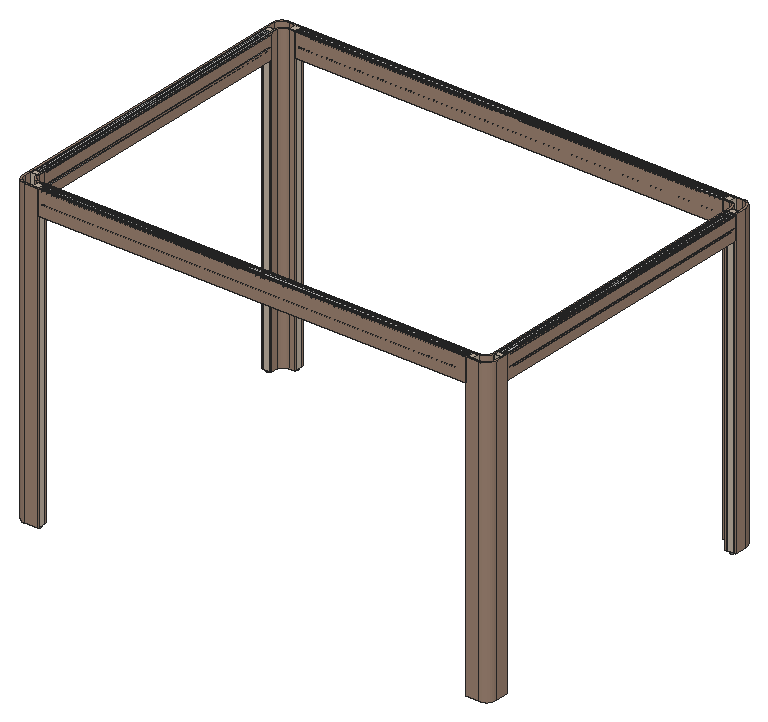
Revit family "T100215", category Furniture, Revit 2018
Family settings
  OmniClass Number = 23.40.20.14.17
  OmniClass Title = Residential Tables and Cabinets
  Work Plane-Based = No
  Always vertical = Yes
  Cut with Voids When Loaded = No
  Shared = Yes
  Room Calculation Point = No
Parameters (values of type "0762 x 0762mm")
  Base Material = Wood - Birch
  Height = 1' - 5.99213"
  Length = 2' - 6"
  Top Material = Laminate - Ivory, Matte
  Width = 2' - 6"
Types (4): name | Height | Length | Width
  (no name) | 1' - 5.99213" | 2' - 6" | 2' - 6"
  0610 x 0160mm | 2' - 6" | 2' - 0.01575" | 2' - 0.01575"
  0762 x 0762mm | 1' - 5.99213" | 2' - 6" | 2' - 6"
  0610 x 0915mm | 2' - 6" | 2' - 0.01575" | 3' - 0.02362"
Reference planes (in)
  plane 1: y = 6
  plane 2: z = 0
  plane 3 "Left": x = 14.84943
Dimensions and locks (in)
  aligned and locked: plane 2 to level
Nested families (in)
  nested 1: "OFS OBEYA BEAM KITS" at (14.84943, 49.5, 0), type "BEAM KIT 126"
  nested 2: "OFS OBEYA POSTS" at (-53.40057, 49.5, 0), type "CORNER POST"
  nested 3: "OFS OBEYA BEAM KITS" at (-53.40057, 2.25, 0) x (0, -1, 0) z (0, 0, 1), type "BEAM KIT 84"
  nested 4: "OFS OBEYA POSTS" at (-53.40057, -45, 0), type "CORNER POST"
  nested 5: "OFS OBEYA POSTS" at (83.09943, 49.5, 0) x (-1, 0, 0) z (0, 0, 1), type "CORNER POST"
  nested 6: "OFS OBEYA BEAM KITS" at (83.09943, 2.25, 0) x (0, -1, 0) z (0, 0, 1), type "BEAM KIT 84"
  nested 7: "OFS OBEYA POSTS" at (83.09943, -45, 0) x (-1, 0, 0) z (0, 0, 1), type "CORNER POST"
  nested 8: "OFS OBEYA BEAM KITS" at (14.84943, -45, 0), type "BEAM KIT 126"
Definition of nested family "OFS OBEYA BEAM KITS"
  Parameters (values of type "BEAM KIT 42")
    Width = 3' - 6"
    URL = "https://ofs.com/products/space-defining/architectural-structures/obeya"
    Model = "OB-42BMK"
    Manufacturer = "OFS"
    Height = 7' - 6"
    Structure Material = none
    Finish Material = none
    Description = "OFS OBEYA BEAM KIT, 42\" Width, Spans Between 2 Posts"
    Depth = 0' - 3"
    Copyright © = "©OFS 2019"
    Edge Material = none
    Catalog = "https://ofs.com/products/space-defining/architectural-structures/obeya"
    Beam Height = 0' - 7"
    Authoring Version = "Autodesk Revit Architecture 2015"
    Assembly Code = "E2020200"
  Types (3): name | Width | Model | Description
    BEAM KIT 42 | 3' - 6" | "OB-42BMK" | "OFS OBEYA BEAM KIT, 42\" Width, Spans Between 2 Posts"
    BEAM KIT 84 | 7' - 0" | "OB-84BMK" | "OFS OBEYA BEAM KIT, 84\" Width, Spans Between 2 Posts"
    BEAM KIT 126 | 10' - 6" | "OB-126BMK" | "OFS OBEYA BEAM KIT, 126\" Width, Spans Between 2 Posts"
  Reference planes (in)
    plane 1 "Center Front/Back": y = 0
    plane 2: z = 0
    plane 3 "Center Left/Right": x = 0
    plane 4: x = 21
    plane 5: y = -1.5
    plane 6: z = 90
    plane 7: z = 0.5
    plane 8: y = 1.5
    plane 9: x = -21
    plane 10: z = 83
    plane 11: x = 2
    plane 12: x = -2
    plane 13: x = -19.25
    plane 14: x = -17.25
    plane 15: x = 19.25
    plane 16: x = 17.25
  Forms (in)
    Extrusion 1, solid, material <- "Finish Material"
      sketch origin (0, 0, 0) x (0, 1, 0) y (0, 0, 1)
        loop
          line (1.5, 90) -> (1, 90) -> (1, 83) -> (1.5, 83) -> (1.5, 90)
        loop
          line (-1.5, 90) -> (-1.5, 83) -> (-1, 83) -> (-1, 90) -> (-1.5, 90)
      from -21 to 21
    Extrusion 2, solid, material <- "Edge Material"
      sketch origin (0, 0, 0) x (0, 1, 0) y (0, 0, 1)
        loop
          line (1, 84) -> (-1, 84) -> (-1, 83) -> (1, 83) -> (1, 84)
      from -21 to 21
    Extrusion 3, solid, material <- "Structure Material"
      sketch origin (0, 0, 0) x (0, 1, 0) y (0, 0, 1)
        loop
          line (0.634, 89.90157) -> (0.90157, 89.90157) -> (0.90157, 89.27657) -> (0.29068, 89.27657)
          arc (0.29068, 89.27657) -> (0.19003, 89.39013) -> (0.04921, 89.44664) r 0.33001
          line (0.04921, 89.44664) -> (0.04921, 89.90157) -> (0.23, 89.90157) -> (0.23, 90) -> (-0.23, 90) -> (-0.23, 89.90157) -> (-0.04921, 89.90157) -> (-0.04921, 89.44664)
          arc (-0.04921, 89.44664) -> (-0.19003, 89.39013) -> (-0.29068, 89.27657) r 0.33001
          line (-0.29068, 89.27657) -> (-0.90157, 89.27657) -> (-0.90157, 89.90157) -> (-0.634, 89.90157) -> (-0.634, 90) -> (-1, 90) -> (-1, 89.17815) -> (-0.74409, 88.92224) -> (-0.74409, 87.7719) -> (-0.90157, 87.7719) -> (-0.90157, 88.09941) -> (-1, 88.19783) -> (-1, 85.9781) -> (-0.74409, 85.72219) -> (-0.74409, 84.57185) -> (-0.90157, 84.57185) -> (-0.90157, 84.89936) -> (-1, 84.99779) -> (-1, 84) -> (-0.202, 84) -> (-0.202, 84.09843) -> (-0.375, 84.09843) -> (-0.375, 84.71875) -> (-0.28811, 84.71875)
          arc (-0.28811, 84.71875) -> (0, 84.54967) -> (0.28811, 84.71875) r 0.33001
          line (0.28811, 84.71875) -> (0.375, 84.71875) -> (0.375, 84.09843) -> (0.202, 84.09843) -> (0.202, 84) -> (1, 84) -> (1, 84.99779) -> (0.90157, 84.89936) -> (0.90157, 84.57185) -> (0.74409, 84.57185) -> (0.74409, 85.72219) -> (1, 85.9781) -> (1, 88.19783) -> (0.90157, 88.09941) -> (0.90157, 87.7719) -> (0.74409, 87.7719) -> (0.74409, 88.92224) -> (1, 89.17815) -> (1, 90) -> (0.634, 90) -> (0.634, 89.90157)
        loop
          arc (0.33001, 89.12032) -> (0.28638, 88.95633) -> (0.16703, 88.8357) r 0.33001
          line (0.16703, 88.8357) -> (0.08792, 88.97271)
          arc (0.08792, 88.97271) -> (0, 89.29214) -> (-0.08792, 88.97271) r 0.17181
          line (-0.08792, 88.97271) -> (-0.16703, 88.8357)
          arc (-0.16703, 88.8357) -> (-0.28638, 88.95633) -> (-0.33001, 89.12032) r 0.33001
          line (-0.33001, 89.12032) -> (-0.64567, 89.12032) -> (-0.64567, 87.67347) -> (-0.90157, 87.67347) -> (-0.90157, 86.01887) -> (-0.202, 86.01887) -> (-0.202, 85.92044) -> (-0.64567, 85.92044) -> (-0.64567, 84.875) -> (-0.32998, 84.875)
          arc (-0.32998, 84.875) -> (-0.28753, 85.04163) -> (-0.16703, 85.1643) r 0.33001
          line (-0.16703, 85.1643) -> (-0.08792, 85.02729)
          arc (-0.08792, 85.02729) -> (0, 84.70786) -> (0.08792, 85.02729) r 0.17181
          line (0.08792, 85.02729) -> (0.16703, 85.1643)
          arc (0.16703, 85.1643) -> (0.28753, 85.04163) -> (0.32998, 84.875) r 0.33001
          line (0.32998, 84.875) -> (0.64567, 84.875) -> (0.64567, 85.92044) -> (0.202, 85.92044) -> (0.202, 86.01887) -> (0.90157, 86.01887) -> (0.90157, 87.67347) -> (0.64567, 87.67347) -> (0.64567, 89.12032) -> (0.33001, 89.12032)
        loop
          line (0.47343, 84.71875) -> (0.47343, 84.09843) -> (0.90157, 84.09843) -> (0.90157, 84.47343) -> (0.64567, 84.47343) -> (0.64567, 84.71875) -> (0.47343, 84.71875)
        loop
          line (-0.47343, 84.71875) -> (-0.64567, 84.71875) -> (-0.64567, 84.47343) -> (-0.90157, 84.47343) -> (-0.90157, 84.09843) -> (-0.47343, 84.09843) -> (-0.47343, 84.71875)
      from -21 to 21
    Extrusion 4, void
      sketch origin (0, 24.68611, 0) x (-1, 0, 0) y (0, -1, 0)
        loop
          line (-1.875, 24.04044) -> (1.875, 24.04044)
          arc (1.875, 24.04044) -> (1.96339, 24.07705) -> (2, 24.16544) r 0.125
          line (2, 24.16544) -> (2, 25.20678)
          arc (2, 25.20678) -> (1.96339, 25.29517) -> (1.875, 25.33178) r 0.125
          line (1.875, 25.33178) -> (-1.875, 25.33178)
          arc (-1.875, 25.33178) -> (-1.96339, 25.29517) -> (-2, 25.20678) r 0.125
          line (-2, 25.20678) -> (-2, 24.16544)
          arc (-2, 24.16544) -> (-1.96339, 24.07705) -> (-1.875, 24.04044) r 0.125
      from 87.3961 to 91.22301
    Extrusion 5, void
      sketch origin (-59.25, 24.68611, 0) x (-1, 0, 0) y (0, -1, 0)
        loop
          line (-41.875, 24.04044) -> (-40.125, 24.04044)
          arc (-40.125, 24.04044) -> (-40.03661, 24.07705) -> (-40, 24.16544) r 0.125
          line (-40, 24.16544) -> (-40, 25.20678)
          arc (-40, 25.20678) -> (-40.03661, 25.29517) -> (-40.125, 25.33178) r 0.125
          line (-40.125, 25.33178) -> (-41.875, 25.33178)
          arc (-41.875, 25.33178) -> (-41.96339, 25.29517) -> (-42, 25.20678) r 0.125
          line (-42, 25.20678) -> (-42, 24.16544)
          arc (-42, 24.16544) -> (-41.96339, 24.07705) -> (-41.875, 24.04044) r 0.125
      from 87.3961 to 91.22301
    Extrusion 6, void
      sketch origin (59.25, 24.68611, 0) x (1, 0, 0) y (0, 1, 0)
        loop
          arc (-41.875, -24.04044) -> (-41.96339, -24.07705) -> (-42, -24.16544) r 0.125
          line (-42, -24.16544) -> (-42, -25.20678)
          arc (-42, -25.20678) -> (-41.96339, -25.29517) -> (-41.875, -25.33178) r 0.125
          line (-41.875, -25.33178) -> (-40.125, -25.33178)
          arc (-40.125, -25.33178) -> (-40.03661, -25.29517) -> (-40, -25.20678) r 0.125
          line (-40, -25.20678) -> (-40, -24.16544)
          arc (-40, -24.16544) -> (-40.03661, -24.07705) -> (-40.125, -24.04044) r 0.125
          line (-40.125, -24.04044) -> (-41.875, -24.04044)
      from 87.3961 to 91.22301
  Cuts and joins
    Extrusion 4, Extrusion 5, Extrusion 6 cuts Extrusion 3
  Lines and regions (in)
    symbolic lines
      curve 1: line (-21, 1.5, 0) -> (21, 1.5, 0)
      curve 2: line (-21, -1.5, 0) -> (-21, 1.5, 0)
      curve 3: line (21, -1.5, 0) -> (-21, -1.5, 0)
      curve 4: line (21, 1.5, 0) -> (21, -1.5, 0)
  Dimensions and locks (in)
    "Height": plane 6 to level
    locked: plane 7 to level at 0.5
    equal spacing: plane 8, plane 1 "Center Front/Back", plane 5
    "Depth": plane 8 to plane 5
    equal spacing: plane 9, plane 3 "Center Left/Right", plane 4
    "Width": plane 9 to plane 4
    "Beam Height": plane 6 to plane 10
    plane 9 to plane 13 to plane 14 = 0' - 1 3/4" locked, 0' - 2" locked
    locked: plane 12 to plane 11 at 4
    plane 4 to plane 15 to plane 16 = 0' - 1 3/4" locked, 0' - 2" locked
    aligned and locked: level to plane 2
    aligned and locked: plane 9 to Extrusion 1
    aligned and locked: plane 9 to Extrusion 3
    aligned and locked: plane 4 to Extrusion 1
    aligned and locked: plane 4 to Extrusion 3
    aligned and locked: plane 4 to Extrusion 2
    aligned and locked: plane 9 to Extrusion 2
    aligned and locked: curve 2 to plane 9
    aligned and locked: curve 4 to plane 4
    aligned and locked: plane 8 to curve 1
    aligned and locked: plane 5 to curve 3
    aligned and locked: Extrusion 4 to plane 12
    aligned and locked: plane 11 to Extrusion 4
    aligned and locked: plane 13 to Extrusion 5
    aligned and locked: Extrusion 5 to plane 14
    aligned and locked: plane 15 to Extrusion 6
    aligned and locked: Extrusion 6 to plane 16
  Automatic sketch dimensions
    Extrusion 1 sketch curve to plane 5 = 0' - 0"
    Extrusion 1 sketch curve to plane 10 = 0' - 0"  (x2)
    Extrusion 1 sketch curve to plane 6 = 0' - 0"  (x2)
    Extrusion 1 sketch curve to plane 8 = 0' - 0"
    plane 5 to Extrusion 1 sketch curve = 0' - 0 1/2"
    plane 8 to Extrusion 1 sketch curve = 0' - 0 1/2"
    Extrusion 2 sketch curve to plane 10 = 0' - 0"
    plane 5 to Extrusion 2 sketch curve = 0' - 0 1/2"
    plane 8 to Extrusion 2 sketch curve = 0' - 0 1/2"
    plane 10 to Extrusion 2 sketch curve = 0' - 1"
    Extrusion 3 sketch curve to Extrusion 3 sketch curve = 0' - 0"  (x38)
    Extrusion 3 sketch curve to plane 6 = 0' - 0"  (x3)
    Extrusion 3 sketch curve to plane 1 "Center Front/Back" = 0' - 0"  (x2)
    plane 1 "Center Front/Back" to Extrusion 3 sketch curve = 0' - 0.04921"
    plane 1 "Center Front/Back" to Extrusion 3 sketch curve = 0' - 0.08792"  (x2)
    Extrusion 3 sketch curve to Extrusion 3 sketch curve = 0' - 0.0791"  (x4)
    plane 1 "Center Front/Back" to Extrusion 3 sketch curve = 0' - 0.202"  (x2)
    Extrusion 3 sketch curve to Extrusion 3 sketch curve = 0' - 0.18079"  (x2)
    plane 1 "Center Front/Back" to Extrusion 3 sketch curve = 0' - 0.28811"
    plane 1 "Center Front/Back" to Extrusion 3 sketch curve = 0' - 0.29068"
    Extrusion 3 sketch curve to Extrusion 3 sketch curve = 0' - 0.04186"  (x2)
    Extrusion 3 sketch curve to Extrusion 3 sketch curve = 0' - 0.03933"  (x2)
    Extrusion 3 sketch curve to Extrusion 3 sketch curve = 0' - 0.173"  (x2)
    Extrusion 3 sketch curve to Extrusion 3 sketch curve = 0' - 0.09843"  (x26)
    Extrusion 3 sketch curve to Extrusion 3 sketch curve = 0' - 0.404"  (x2)
    Extrusion 3 sketch curve to Extrusion 3 sketch curve = 0' - 0.44367"
    Extrusion 3 sketch curve to Extrusion 3 sketch curve = 0' - 0.17224"  (x2)
    plane 1 "Center Front/Back" to Extrusion 3 sketch curve = 0' - 0.64567"
    Extrusion 3 sketch curve to Extrusion 3 sketch curve = 0' - 0.15748"  (x4)
    Extrusion 3 sketch curve to plane 6 = 0' - 0.09843"  (x4)
    Extrusion 3 sketch curve to Extrusion 3 sketch curve = 0' - 0.26757"
    Extrusion 3 sketch curve to Extrusion 3 sketch curve = 0' - 0.25591"  (x4)
    Extrusion 3 sketch curve to plane 1 "Center Front/Back" = 0' - 0.04921"
    Extrusion 3 sketch curve to plane 1 "Center Front/Back" = 0' - 0.08792"  (x2)
    Extrusion 3 sketch curve to plane 1 "Center Front/Back" = 0' - 0.202"  (x2)
    Extrusion 3 sketch curve to plane 1 "Center Front/Back" = 0' - 0.28811"
    Extrusion 3 sketch curve to plane 1 "Center Front/Back" = 0' - 0.29068"
    Extrusion 3 sketch curve to Extrusion 3 sketch curve = 0' - 0.31566"
    Extrusion 3 sketch curve to Extrusion 3 sketch curve = 0' - 0.42815"
    Extrusion 3 sketch curve to Extrusion 3 sketch curve = 0' - 0.45493"
    Extrusion 3 sketch curve to Extrusion 3 sketch curve = 0' - 0.17007"
    Extrusion 3 sketch curve to Extrusion 3 sketch curve = 0' - 0.13701"  (x2)
    Extrusion 3 sketch curve to Extrusion 3 sketch curve = 0' - 0.19808"  (x2)
    Extrusion 3 sketch curve to Extrusion 3 sketch curve = 0' - 0.72441"  (x4)
    Extrusion 3 sketch curve to Extrusion 3 sketch curve = 0' - 0.32751"  (x2)
    Extrusion 3 sketch curve to Extrusion 3 sketch curve = 0' - 1.6546"
    Extrusion 3 sketch curve to Extrusion 3 sketch curve = 0' - 0.04077"  (x2)
    Extrusion 3 sketch curve to Extrusion 3 sketch curve = 0' - 0.19825"  (x2)
    Extrusion 3 sketch curve to Extrusion 3 sketch curve = 0' - 0.75615"
    Extrusion 3 sketch curve to Extrusion 3 sketch curve = 0' - 0.14761"
    Extrusion 3 sketch curve to Extrusion 3 sketch curve = 0' - 0 5/32"  (x2)
    Extrusion 3 sketch curve to Extrusion 3 sketch curve = 0' - 0.1469"  (x2)
    Extrusion 3 sketch curve to Extrusion 3 sketch curve = 0' - 0 3/8"  (x3)
    Extrusion 4 sketch curve to plane 11 = 0' - 0"
    Extrusion 4 sketch curve to plane 12 = 0' - 0"
    plane 11 to Extrusion 4 sketch curve = 0' - 0 1/8"  (x2)
    Extrusion 4 sketch curve to plane 12 = 0' - 0 1/8"
    Extrusion 4 sketch curve to Extrusion 4 sketch curve = 0' - 0 1/8"
    Extrusion 4 sketch curve to plane 1 "Center Front/Back" = 0' - 0.64567"
    plane 1 "Center Front/Back" to Extrusion 4 sketch curve = 0' - 0.52067"
    Extrusion 5 sketch curve to plane 14 = 0' - 0"
    Extrusion 5 sketch curve to plane 13 = 0' - 0"
    Extrusion 5 sketch curve to plane 14 = 0' - 0 1/8"
    Extrusion 5 sketch curve to Extrusion 5 sketch curve = 0' - 0 1/8"
    plane 13 to Extrusion 5 sketch curve = 0' - 0 1/8"  (x2)
    Extrusion 5 sketch curve to plane 1 "Center Front/Back" = 0' - 0.64567"
    plane 1 "Center Front/Back" to Extrusion 5 sketch curve = 0' - 0.52067"
    Extrusion 6 sketch curve to plane 16 = 0' - 0"
    Extrusion 6 sketch curve to plane 15 = 0' - 0"
    plane 16 to Extrusion 6 sketch curve = 0' - 0 1/8"
    Extrusion 6 sketch curve to Extrusion 6 sketch curve = 0' - 0 1/8"
    Extrusion 6 sketch curve to plane 15 = 0' - 0 1/8"  (x2)
    plane 1 "Center Front/Back" to Extrusion 6 sketch curve = 0' - 0.64567"
    Extrusion 6 sketch curve to plane 1 "Center Front/Back" = 0' - 0.52067"
Definition of nested family "OFS OBEYA POSTS"
  Parameters (values of type "T POST")
    Width = 0' - 6 3/4"
    URL = "https://ofs.com/products/space-defining/architectural-structures/obeya"
    T = yes
    Model = "OB-TP"
    Manufacturer = "OFS"
    Height = 7' - 6"
    Gliders Material = none
    Finish Material = none
    Description = "OFS OBEYA T POST, Vertical Uprights for Attaching Walls, 3 Way Connection at 90 and 180 Degrees"
    Depth = 0' - 6 3/4"
    Corner = no
    Copyright © = "©OFS 2019"
    Edge Material = none
    Catalog = "https://ofs.com/products/space-defining/architectural-structures/obeya"
    Authoring Version = "Autodesk Revit Architecture 2015"
    Assembly Code = "E2020200"
    4way = no
    4 = no
    3 = yes
    2 = yes
  Types (4): name | T | Model | Description | Corner | 4way | 4 | 3
    (no name) | yes | "OB-TP" | "OFS OBEYA T POST, Vertical Uprights for Attaching Walls, 3 Way Connection at 90 and 180 Degrees" | no | no | no | yes
    CORNER POST | no | "OB-CP" | "OFS OBEYA CORNER POST, Vertical Uprights for Attaching Walls, 90 Degree Connection" | yes | no | no | no
    T POST | yes | "OB-TP" | "OFS OBEYA T POST, Vertical Uprights for Attaching Walls, 3 Way Connection at 90 and 180 Degrees" | no | no | no | yes
    4 WAY POST | no | "OB-4P" | "OFS OBEYA 4 WAY POST, Vertical Uprights for Attaching Walls, 4 Way Connection at 90 Corners" | no | yes | yes | yes
  Reference planes (in)
    plane 1 "Center Front/Back": y = 0
    plane 2: z = 0
    plane 3 "Center Left/Right": x = 0
    plane 4: x = 5.25
    plane 5: y = -5.25
    plane 6: z = 90
    plane 7: z = 0.5
    plane 8: y = 5.25
    plane 9: x = -5.25
  Forms (in)
    Extrusion 1, solid, material <- "Finish Material", visible <- "Corner"
      sketch origin (-1.5, 1.5, 0) x (1, 0, 0) y (0, 1, 0)
        loop
          arc (3, 0) -> (0.87868, -0.87868) -> (0, -3) r 3
          line (0, -3) -> (0, -6.75) -> (0.5, -6.75) -> (0.5, -3)
          arc (0.5, -3) -> (1.23223, -1.23223) -> (3, -0.5) r 2.5
          line (3, -0.5) -> (6.75, -0.5) -> (6.75, 0) -> (3, 0)
        loop
          line (5, -3) -> (6.75, -3) -> (6.75, -2.5) -> (5, -2.5)
          arc (5, -2.5) -> (3.23223, -3.23223) -> (2.5, -5) r 2.5
          line (2.5, -5) -> (2.5, -6.75) -> (3, -6.75) -> (3, -5)
          arc (3, -5) -> (3.58579, -3.58579) -> (5, -3) r 2
      from 0.5 to 90
    Extrusion 2, solid, material <- "Edge Material", visible <- "2"
      sketch origin (0, 0, 0) x (1, 0, 0) y (0, 1, 0)
        loop
          line (5.25, 1) -> (3.5, 1) -> (3.5, -1) -> (5.25, -1) -> (5.25, 1)
        loop
          line (-1, -5.25) -> (1, -5.25) -> (1, -3.5) -> (-1, -3.5) -> (-1, -5.25)
      from 0.5 to 90
    Revolve 3, solid, material <- "Gliders Material", visible <- "2"
      sketch origin (-14.98281, 0, 0) x (1, 0, 0) y (0, 0, 1)
        loop
          line (19.45389, 0.5) -> (19.12889, 0.5) -> (19.12889, 0.2225) -> (18.99551, 0.2225)
          arc (18.99551, 0.2225) -> (18.88426, 0.11125) -> (18.99551, 0) r 0.11125
          line (18.99551, 0) -> (19.45389, 0) -> (19.45389, 0.5)
        axis (19.45389, 0) -> (19.45389, 0.5)
      angle from 0 to 360
    Revolve 4, solid, material <- "Gliders Material", visible <- "2"
      sketch origin (0, 14.98281, 0) x (0, -1, 0) y (0, 0, -1)
        loop
          line (19.45389, -0.5) -> (19.45389, 0) -> (18.99551, 0)
          arc (18.99551, 0) -> (18.88426, -0.11125) -> (18.99551, -0.2225) r 0.11125
          line (18.99551, -0.2225) -> (19.12889, -0.2225) -> (19.12889, -0.5) -> (19.45389, -0.5)
        axis (19.45389, 0) -> (19.45389, -0.5)
      angle from 0 to 360
    Extrusion 5, solid, material <- "Finish Material", visible <- "T"
      sketch origin (-1.5, 1.5, 0) x (1, 0, 0) y (0, 1, 0)
        loop
          line (6.75, 0) -> (-3.75, 0) -> (-3.75, -0.5) -> (6.75, -0.5) -> (6.75, 0)
        loop
          line (5, -3) -> (6.75, -3) -> (6.75, -2.5) -> (5, -2.5)
          arc (5, -2.5) -> (3.23223, -3.23223) -> (2.5, -5) r 2.5
          line (2.5, -5) -> (2.5, -6.75) -> (3, -6.75) -> (3, -5)
          arc (3, -5) -> (3.58579, -3.58579) -> (5, -3) r 2
        loop
          arc (-2, -3) -> (-0.58579, -3.58579) -> (0, -5) r 2
          line (0, -5) -> (0, -6.75) -> (0.5, -6.75) -> (0.5, -5)
          arc (0.5, -5) -> (-0.23223, -3.23223) -> (-2, -2.5) r 2.5
          line (-2, -2.5) -> (-3.75, -2.5) -> (-3.75, -3) -> (-2, -3)
      from 0.5 to 90
    Extrusion 6, solid, material <- "Finish Material", visible <- "4way"
      sketch origin (-1.5, 1.5, 0) x (1, 0, 0) y (0, 1, 0)
        loop
          line (5, -3) -> (6.75, -3) -> (6.75, -2.5) -> (5, -2.5)
          arc (5, -2.5) -> (3.23223, -3.23223) -> (2.5, -5) r 2.5
          line (2.5, -5) -> (2.5, -6.75) -> (3, -6.75) -> (3, -5)
          arc (3, -5) -> (3.58579, -3.58579) -> (5, -3) r 2
        loop
          arc (-2, -3) -> (-0.58579, -3.58579) -> (0, -5) r 2
          line (0, -5) -> (0, -6.75) -> (0.5, -6.75) -> (0.5, -5)
          arc (0.5, -5) -> (-0.23223, -3.23223) -> (-2, -2.5) r 2.5
          line (-2, -2.5) -> (-3.75, -2.5) -> (-3.75, -3) -> (-2, -3)
        loop
          arc (5, 0) -> (3.58579, 0.58579) -> (3, 2) r 2
          line (3, 2) -> (3, 3.75) -> (2.5, 3.75) -> (2.5, 2)
          arc (2.5, 2) -> (3.23223, 0.23223) -> (5, -0.5) r 2.5
          line (5, -0.5) -> (6.75, -0.5) -> (6.75, 0) -> (5, 0)
        loop
          line (-2, 0) -> (-3.75, 0) -> (-3.75, -0.5) -> (-2, -0.5)
          arc (-2, -0.5) -> (-0.23223, 0.23223) -> (0.5, 2) r 2.5
          line (0.5, 2) -> (0.5, 3.75) -> (0, 3.75) -> (0, 2)
          arc (0, 2) -> (-0.58579, 0.58579) -> (-2, 0) r 2
      from 0.5 to 90
    Revolve 7, solid, material <- "Gliders Material", visible <- "3"
      sketch origin (14.98281, 0, 0) x (-1, 0, 0) y (0, 0, 1)
        loop
          line (19.45389, 0.5) -> (19.12889, 0.5) -> (19.12889, 0.2225) -> (18.99551, 0.2225)
          arc (18.99551, 0.2225) -> (18.88426, 0.11125) -> (18.99551, 0) r 0.11125
          line (18.99551, 0) -> (19.45389, 0) -> (19.45389, 0.5)
        axis (19.45389, 0) -> (19.45389, 0.5)
      angle from 0 to 360
    Revolve 8, solid, material <- "Gliders Material", visible <- "4"
      sketch origin (0, -14.98281, 0) x (0, 1, 0) y (0, 0, 1)
        loop
          line (19.45389, 0.5) -> (19.12889, 0.5) -> (19.12889, 0.2225) -> (18.99551, 0.2225)
          arc (18.99551, 0.2225) -> (18.88426, 0.11125) -> (18.99551, 0) r 0.11125
          line (18.99551, 0) -> (19.45389, 0) -> (19.45389, 0.5)
        axis (19.45389, 0) -> (19.45389, 0.5)
      angle from 0 to 360
    Extrusion 9, solid, material <- "Edge Material", visible <- "4"
      sketch origin (0, 0, 0) x (1, 0, 0) y (0, 1, 0)
        loop
          line (-1, 5.25) -> (-1, 3.5) -> (1, 3.5) -> (1, 5.25) -> (-1, 5.25)
      from 0.5 to 90
    Extrusion 10, solid, material <- "Edge Material", visible <- "3"
      sketch origin (0, 0, 0) x (0, -1, 0) y (1, 0, 0)
        loop
          line (-1, -5.25) -> (1, -5.25) -> (1, -3.5) -> (-1, -3.5) -> (-1, -5.25)
      from 0.5 to 90
  Dimensions and locks (in)
    "Height": plane 6 to level
    locked: plane 7 to level at 0.5
    aligned and locked: level to plane 2
    aligned and locked: plane 6 to Extrusion 1
    aligned and locked: plane 6 to Extrusion 2
    aligned and locked: Extrusion 1 to plane 7
  Automatic sketch dimensions
    Extrusion 1 sketch curve to Extrusion 1 sketch curve = 0' - 0"  (x4)
    Extrusion 1 sketch curve to plane 5 = 0' - 0"  (x2)
    Extrusion 1 sketch curve to plane 4 = 0' - 0"  (x2)
    Extrusion 1 sketch curve to plane 4 = 0' - 1 3/4"
    plane 3 "Center Left/Right" to Extrusion 1 sketch curve = 0' - 1 1/2"  (x2)
    Extrusion 1 sketch curve to Extrusion 1 sketch curve = 0' - 0 1/2"  (x2)
    Extrusion 1 sketch curve to plane 3 "Center Left/Right" = 0' - 1"
    plane 5 to Extrusion 1 sketch curve = 0' - 1 3/4"
    plane 1 "Center Front/Back" to Extrusion 1 sketch curve = 0' - 1 1/2"
    Extrusion 2 sketch curve to plane 5 = 0' - 0"
    Extrusion 2 sketch curve to plane 4 = 0' - 0"
    Extrusion 2 sketch curve to plane 4 = 0' - 1 3/4"
    plane 3 "Center Left/Right" to Extrusion 2 sketch curve = 0' - 1"
    Extrusion 2 sketch curve to plane 3 "Center Left/Right" = 0' - 1"
    plane 5 to Extrusion 2 sketch curve = 0' - 1 3/4"
    plane 1 "Center Front/Back" to Extrusion 2 sketch curve = 0' - 1"
    Extrusion 2 sketch curve to plane 1 "Center Front/Back" = 0' - 1"
    Revolve 3 sketch curve to level = 0' - 0"
    Revolve 3 sketch curve to plane 7 = 0' - 0"  (x2)
    level to Revolve 3 sketch curve = 0' - 0.11125"
    Revolve 3 sketch curve to plane 4 = 0' - 1.2373"
    Revolve 3 sketch curve to Revolve 3 sketch curve = 0' - 0.13338"
    Revolve 3 sketch curve to Revolve 3 sketch curve = 0' - 0.325"
    Revolve 3 sketch curve to Revolve 3 sketch curve = 0' - 0"
    Revolve 3 sketch curve to Revolve 3 sketch curve = 0' - 0 1/4"
    Revolve 4 sketch curve to level = 0' - 0"
    Revolve 4 sketch curve to plane 7 = 0' - 0"  (x2)
    level to Revolve 4 sketch curve = 0' - 0.11125"
    plane 5 to Revolve 4 sketch curve = 0' - 1.2373"
    Revolve 4 sketch curve to Revolve 4 sketch curve = 0' - 0.13338"
    Revolve 4 sketch curve to Revolve 4 sketch curve = 0' - 0.325"
    Revolve 4 sketch curve to Revolve 4 sketch curve = 0' - 0"
    Revolve 4 sketch curve to Revolve 4 sketch curve = 0' - 0 1/4"
    Extrusion 5 sketch curve to Extrusion 5 sketch curve = 0' - 0"  (x4)
    Extrusion 5 sketch curve to plane 9 = 0' - 0"  (x2)
    Extrusion 5 sketch curve to plane 5 = 0' - 0"  (x2)
    Extrusion 5 sketch curve to plane 4 = 0' - 0"  (x2)
    Extrusion 5 sketch curve to plane 9 = 0' - 1 3/4"
    Extrusion 5 sketch curve to plane 3 "Center Left/Right" = 0' - 1 1/2"
    Extrusion 5 sketch curve to Extrusion 5 sketch curve = 0' - 0 1/2"  (x3)
    plane 3 "Center Left/Right" to Extrusion 5 sketch curve = 0' - 1"
    Extrusion 5 sketch curve to plane 4 = 0' - 1 3/4"
    plane 5 to Extrusion 5 sketch curve = 0' - 1 3/4"  (x2)
    Extrusion 5 sketch curve to plane 1 "Center Front/Back" = 0' - 1"
    Extrusion 6 sketch curve to Extrusion 6 sketch curve = 0' - 0"  (x8)
    Extrusion 6 sketch curve to plane 9 = 0' - 0"  (x2)
    Extrusion 6 sketch curve to plane 5 = 0' - 0"  (x2)
    plane 8 to Extrusion 6 sketch curve = 0' - 0"  (x2)
    Extrusion 6 sketch curve to plane 4 = 0' - 0"  (x2)
    Extrusion 6 sketch curve to plane 9 = 0' - 1 3/4"  (x2)
    Extrusion 6 sketch curve to plane 3 "Center Left/Right" = 0' - 1 1/2"  (x2)
    Extrusion 6 sketch curve to Extrusion 6 sketch curve = 0' - 0 1/2"  (x4)
    plane 3 "Center Left/Right" to Extrusion 6 sketch curve = 0' - 1"  (x2)
    Extrusion 6 sketch curve to plane 4 = 0' - 1 3/4"  (x2)
    plane 5 to Extrusion 6 sketch curve = 0' - 1 3/4"
    Extrusion 6 sketch curve to Extrusion 6 sketch curve = 0' - 1 3/4"
    Extrusion 6 sketch curve to plane 1 "Center Front/Back" = 0' - 1"  (x2)
    Revolve 7 sketch curve to level = 0' - 0"
    Revolve 7 sketch curve to plane 7 = 0' - 0"  (x2)
    Revolve 7 sketch curve to level = 0' - 0.11125"
    plane 9 to Revolve 7 sketch curve = 0' - 1.2373"
    Revolve 7 sketch curve to Revolve 7 sketch curve = 0' - 0.13338"
    Revolve 7 sketch curve to Revolve 7 sketch curve = 0' - 0.325"
    Revolve 7 sketch curve to Revolve 7 sketch curve = 0' - 0"
    Revolve 7 sketch curve to Revolve 7 sketch curve = 0' - 0 1/4"
    Revolve 8 sketch curve to level = 0' - 0"
    Revolve 8 sketch curve to plane 7 = 0' - 0"  (x2)
    level to Revolve 8 sketch curve = 0' - 0.11125"
    plane 8 to Revolve 8 sketch curve = 0' - 1.2373"
    Revolve 8 sketch curve to Revolve 8 sketch curve = 0' - 0.13338"
    Revolve 8 sketch curve to Revolve 8 sketch curve = 0' - 0.325"
    Revolve 8 sketch curve to Revolve 8 sketch curve = 0' - 0"
    Revolve 8 sketch curve to Revolve 8 sketch curve = 0' - 0 1/4"
    plane 8 to Extrusion 9 sketch curve = 0' - 0"
    plane 3 "Center Left/Right" to Extrusion 9 sketch curve = 0' - 1"
    Extrusion 9 sketch curve to plane 3 "Center Left/Right" = 0' - 1"
    Extrusion 9 sketch curve to plane 8 = 0' - 1 3/4"
    Extrusion 10 sketch curve to plane 9 = 0' - 0"
    Extrusion 10 sketch curve to plane 1 "Center Front/Back" = 0' - 1"
    plane 1 "Center Front/Back" to Extrusion 10 sketch curve = 0' - 1"
    Extrusion 10 sketch curve to Extrusion 10 sketch curve = 0' - 1 3/4"
